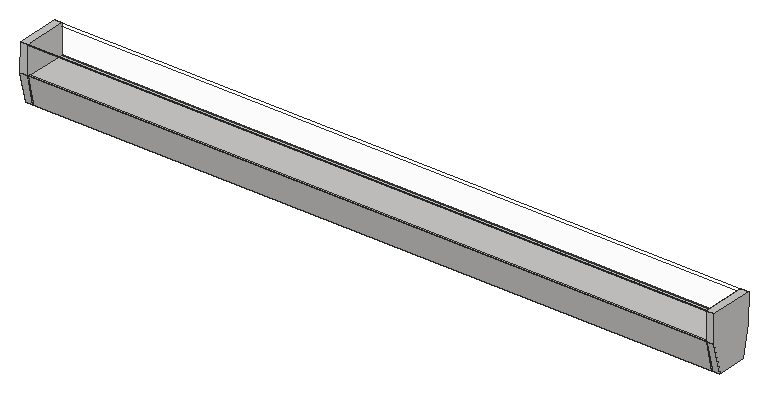
Revit family "67L-S-SQ", category Lighting Fixtures, host Face, Revit 2021
Family settings
  Host = Face
  Round Connector Dimension = Use Diameter
  Part Type = Normal
  OmniClass Number = 23.80.70.11
  OmniClass Title = Luminaries for Internal Lighting
  Cut with Voids When Loaded = No
  Light Source = Yes
  Shared = Yes
  Room Calculation Point = No
Parameters (values of type "Note 67L-Textured Matte White")
  Width = 48.000"
  Watts = 4.5 W
  Wattage Comments = "550 to 1800 lumens/ft"  # constant formula
  Wattage = 4.5 W
  built-in parameter 1150110 = 1 (stored number, unit not read)
  Voltage = 120 V
  URL = "https://www.currentlighting.com/litecontrol"
  Type Comments = "Lighting Fixture"  # constant formula
  built-in parameter 1114217 = 1 (stored number, unit not read)
  Tilt Angle = -90.00°
  built-in parameter 1150109 = 1 (stored number, unit not read)
  built-in parameter 1150134 = (empty or 0)
  built-in parameter 1150113 = 1 (stored number, unit not read)
  Reflector Finish = White Glass
  Product Page URL = ""
  Product Material = Paint -  Textured Matte White
  Product Documentation Link = ""
  Power Factor = 1
  Photometric Web File = "67L-S-D-4-4-BL-C1-35K-D055.IES"
  Photometric Notes = "Photometric web files Download in below link"  # constant formula
  Model = "67L-S-Square"  # constant formula
  Manufacturer = "Litecontrol"  # constant formula
  built-in parameter 1150105 = 43.33 (stored number, unit not read)
  Lumens = 544.5 lm
  built-in parameter 1150115 = 1 (stored number, unit not read)
  Load Classification = Lighting
  built-in parameter 1150137 = (empty or 0)
  built-in parameter 1150139 = (empty or 0)
  built-in parameter 1150112 = 1 (stored number, unit not read)
  built-in parameter 1150114 = 1 (stored number, unit not read)
  Lamp = "LED"  # constant formula
  built-in parameter 1150132 = (empty or 0)
  built-in parameter 1150102 = (empty or 0)
  built-in parameter 1150107 = 3500 (stored number, unit not read)
  built-in parameter 1150138 = (empty or 0)
  built-in parameter 1150106 = 0.4333 (stored number, unit not read)
  Frequency = 60 Hz  # constant formula
  Emit from Rectangle Width = 2.000"
  Emit from Rectangle Length = (Width - 1.000")  # 47.000"
  Emit Shape Visible in Rendering = no
  built-in parameter 1150104 = 11.241 (stored number, unit not read)
  Dimming Lamp Color Temperature Shift = <None>
  Description = "The NOTE 67L Surface brings direct illumination, performance and versatility, all within a slim profile and a fresh, contemporary style"  # constant formula
  Default Elevation = 48.000"
  Contact Us = ""
  Color Filter = 16777215
  built-in parameter 1114218 = 1 (stored number, unit not read)
  built-in parameter 1150133 = 10 (stored number, unit not read)
  Assembly Code = "D5020200"
  Apparent Load = 0 VA
Types (7): name | Product Material
  (no name) | Paint -  Textured Matte White
  Note 67L-Textured Matte White | Paint -  Textured Matte White
  Note 67L-Matte White | Paint -  Matte White
  Note 67L-Light Silver | Paint - Light Silver
  Note 67L-Machined Aluminium | Paint - Machined Aluminum
  Note 67L-Carbon Black | Paint - Carbon Black
  Note 67L-Textured Camera Black | Paint -  Textured Camera Black
Reference planes (in)
  plane 1 "Center (Front/Back)": y = 0
  plane 2: z = 0
  plane 3 "Center (Left/Right)": x = 0
  plane 4: z = 2.5
Dimensions and locks (in)
  plane 4 to host face = 2.500"
  aligned and locked: plane 2 to host face
  aligned and locked: level to host face
  aligned and locked: imposter light to plane 4
  aligned and locked: plane 1 "Center (Front/Back)" to nested 1
  aligned and locked: plane 3 "Center (Left/Right)" to nested 1
Nested families (in)
  nested 1: "Square" at (2.04767, -0.03999, 0), Row Length <- "Width", Glass <- "Reflector Finish", Backbox <- "Product Material", type "Square"
    with Row Length 48.000", Glass White Glass, Backbox Paint -  Textured Matte White
Connectors (in)
  electrical at (0, 0.00195, 0), driven by "Load Classification", driven by "Voltage", driven by "Apparent Load", driven by "Power Factor"
    settings: on nested 1, index 1, voltage 120 V, apparent load 0 VA, apparent load phase1 0 VA, apparent load phase2 0 VA, apparent load phase3 0 VA, power factor 1, load classification "Lighting", number of poles 1, system type 30, power factor state 1, is connector primary yes, connector utility no, sub classification motor no, connector description "Lighting Connector"
Definition of nested family "Square"
  Parameters
    Wattage Comments = ""
    URL = ""
    Row Length [instance] = 24.000"
    Product Page URL = ""
    Product Documentation Link = ""
    Model = ""
    Manufacturer Phone = ""
    Manufacturer Fax = ""
    Manufacturer = ""
    Lamp = ""
    Glass [instance] = none
    Description = ""
    Default Elevation = 48.000"
    Backbox [instance] = none
  Reference planes (in)
    plane 1 "Center (Front/Back)": y = 0.03999
    plane 2: z = 0
    plane 3 "Center (Left/Right)": x = -2.04767
    plane 4: x = -14.04767
    plane 5: x = 9.95233
    plane 6: x = -13.54767
    plane 7: x = 9.45233
    plane 8: z = 3.9375
    plane 9: y = -1.46001
    plane 10: y = 1.53999
    plane 11: y = 1.03999
    plane 12: y = -0.96001
    plane 13: z = 1.98438
  Forms (in)
    Extrusion 1, solid
      sketch origin (0, 0, 0.06357) x (1, 0, 0) y (0, 1, 0)
        loop
          line (-48, 48) -> (-48, -48) -> (48, -48) -> (48, 48) -> (-48, 48)
      from -0.06357 to -6.47428
    Extrusion 2, solid, material <- "Backbox"
      sketch origin (-2.04767, 0, 0) x (0, 1, 0) y (0, 0, 1)
        loop
          line (-0.96001, 0) -> (1.0439, 0) -> (1.53999, 1.98437) -> (1.53999, 3.9375) -> (-1.4561, 3.9375) -> (-1.4561, 1.98437) -> (-0.96001, 0)
      from 11.5 to 12
    Extrusion 3, solid, material <- "Backbox"
      sketch origin (-2.04767, 0, 0) x (0, 1, 0) y (0, 0, 1)
        loop
          line (-0.96001, 0) -> (1.0439, 0) -> (1.53999, 1.98437) -> (1.53999, 3.9375) -> (-1.46001, 3.9375) -> (-1.46001, 2) -> (-0.96001, 0)
      from -11.5 to -12
    Extrusion 4, solid, material <- "Glass"
      sketch origin (-2.04767, 0, 0) x (0, 1, 0) y (0, 0, 1)
        loop
          line (1.53999, 3.9375) -> (-1.46001, 3.9375) -> (-1.46001, 1.98438) -> (-1.33501, 1.98438) -> (-1.33501, 3.8125) -> (1.41499, 3.8125) -> (1.41499, 1.98438) -> (1.53999, 1.98438) -> (1.53999, 3.9375)
      from -11.5 to 11.5
    Extrusion 5, solid, material <- "Backbox"
      sketch origin (-2.04767, 0, 0) x (0, 1, 0) y (0, 0, 1)
        loop
          line (-0.96001, 0) -> (1.0439, 0) -> (1.53999, 1.98437) -> (-1.4561, 1.98437) -> (-0.96001, 0)
      from -11.5 to 11.5
  Dimensions and locks (in)
    equal spacing: plane 5, plane 3 "Center (Left/Right)", plane 4
    plane 6 to plane 4 = 0.500"
    "Row Length": plane 5 to plane 4
    equal spacing: plane 7, plane 3 "Center (Left/Right)", plane 6
    plane 8 to Extrusion 1 = 3.9375"
    locked: plane 1 "Center (Front/Back)" to plane 9 at 1.5
    locked: plane 13 to Extrusion 1 at 1.98438
    locked: plane 10 to plane 9 at 3
    locked: plane 11 to plane 12 at 2
    aligned and locked: plane 2 to Extrusion 1
    aligned and locked: level to Extrusion 1
    aligned and locked: plane 5 to Extrusion 2
    aligned and locked: Extrusion 2 to plane 7
    aligned and locked: plane 7 to Extrusion 5
    aligned and locked: Extrusion 5 to plane 6
    aligned and locked: Extrusion 3 to plane 4
    aligned and locked: plane 6 to Extrusion 3
    aligned and locked: Extrusion 5 sketch curve to level
    aligned and locked: Extrusion 5 to Extrusion 3 sketch curve
    aligned and locked: Extrusion 2 sketch curve to Extrusion 3  (x3)
    aligned and locked: Extrusion 4 to plane 6
    aligned and locked: plane 7 to Extrusion 4
    aligned and locked: Extrusion 3 to Extrusion 2 sketch curve
    aligned and locked: plane 13 to Extrusion 5
    aligned and locked: Extrusion 3 sketch curve to plane 10
    aligned and locked: Extrusion 3 sketch curve to plane 8
    aligned and locked: Extrusion 3 sketch curve to plane 9
    aligned and locked: Extrusion 2 sketch curve to Extrusion 5
    aligned and locked: Extrusion 2 sketch curve to plane 10
    aligned and locked: Extrusion 4 sketch curve to plane 10
    aligned and locked: Extrusion 4 sketch curve to plane 8
    aligned and locked: Extrusion 4 sketch curve to plane 9
    aligned and locked: Extrusion 4 sketch curve to plane 13
  Automatic sketch dimensions
    Extrusion 1 sketch curve to Extrusion 1 sketch curve = 96.000"  (x2)
    Extrusion 5 sketch curve to plane 12 = 0.000"
    Extrusion 5 sketch curve to plane 10 = 0.000"
    Extrusion 5 sketch curve to plane 9 = 0.00391"
    plane 11 to Extrusion 5 sketch curve = 0.00391"
    Extrusion 5 sketch curve to plane 8 = 1.95312"
    Extrusion 3 sketch curve to plane 12 = 0.000"
    Extrusion 3 sketch curve to plane 13 = 0.000"
    plane 11 to Extrusion 3 sketch curve = 0.00391"
    plane 13 to Extrusion 3 sketch curve = 0.01562"
    Extrusion 4 sketch curve to plane 10 = 0.125"
    Extrusion 4 sketch curve to plane 8 = 0.125"
    Extrusion 4 sketch curve to plane 13 = 0.000"
    Extrusion 4 sketch curve to Extrusion 4 sketch curve = 0.125"
